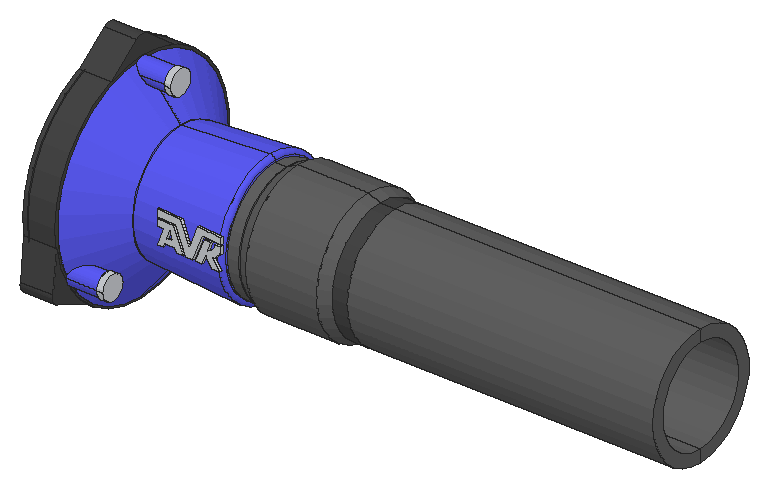
Revit family "635-00-001 DN50_80", category Pipe Accessories, Revit 2022
Family settings
  Round Connector Dimension = Use Diameter
  Part Type = Valve - Breaks Into
  Work Plane-Based = No
  Always vertical = No
  Cut with Voids When Loaded = No
  Shared = No
Parameters (values of type "DN080_PN16_OD_110")
  ring_dim1 = Ring_Dia1 * 0.92  # 50.784 mm
  Thickness = OD * 0.2  # 11.00 mm
  SR2 = size_lookup(Search_table, "SR2", 0.00 mm, DN) / 2  # 53.00 mm
  SR1 = size_lookup(Search_table, "SR1", 0.00 mm, DN) / 2  # 41.00 mm
  Ring_dis = L1 * 1.05  # 295.05 mm
  Ring_dia3 = Ring_dia2 * 1.1  # 60.61 mm
  Ring_dia2 = ((Ring_Dia1 - OD) / 2) + OD  # 55.10 mm
  Ring_Dia1 = Ring_Dia * 0.92  # 55.20 mm
  Ring_Dia = size_lookup(Search_table, "Ring_Dia", 0.00 mm, DN) / 2  # 60.00 mm
  PCD = D1 - 10.00 mm  # 89.875 mm
  OD = size_lookup(Search_table, "OD", 0.00 mm, DN) / 2  # 55.00 mm
  L5 = L4 * 1.25  # 223.988 mm
  L4-L3 = (L4 - L3) * 0.7  # 11.403 mm
  L4 = L3 * 1.1  # 179.19 mm
  L3 = L * 0.3  # 162.90 mm
  L1 = size_lookup(Search_table, "L1", 0.00 mm, DN)  # 281.00 mm
  L = size_lookup(Search_table, "L", 0.00 mm, DN)  # 543.00 mm
  FLange_T1 = Bolt_End_dis * 1.1  # 64.90 mm
  FL_T2 = FL_T / 2  # 29.50 mm
  FL_T = size_lookup(Search_table, "FL_T", 0.00 mm, DN)  # 59.00 mm
  DN080_PN16_OD_90 = "635-105-00-166"
  D3 = D * 0.3  # 35.25 mm
  D2 = SR1 * 1.1  # 45.10 mm
  D1 = D * 0.85  # 99.875 mm
  Cap_Radius = size_lookup(Search_table, "Cap_Radius", 0.00 mm, DN)  # 35.00 mm
  Bore = size_lookup(Search_table, "Bore", 0.00 mm, DN)  # 40.05 mm
  Bolt_End_dis = size_lookup(Search_table, "Bolt_End_dis", 0.00 mm, DN)  # 59.00 mm
  4 = 4.00 mm  # constant formula
  DN065_PN16_OD_75 = "635-091-00-166"
  DN080_PN16_OD_110 = "635-106-00-166"
  DN = 80.10 mm
  Description_ = "AVK SUPA MAXI™ TRANSITION COUPLING, PE100/PN16"
  Default Elevation = 0.00 mm
  DN050_PN16_OD_63 = "635-071-00-166"
  Search_table = "635-00-001 DN50_80"
  URL product pages = "https://www.avkvalves.com/P.aspx?no=63507100166"
  D = size_lookup(Search_table, "D", 0.00 mm, DN) / 2  # 117.50 mm
  2 = 2.00 mm  # constant formula
  12 = 11.00 mm  # constant formula
  10 = 10.00 mm  # constant formula
  1 = 1.00 mm  # constant formula
Types (5, lengths in mm): name | ring_dim1 | Thickness | SR2 | SR1 | Ring_dis | Ring_dia3 | Ring_dia2 | Ring_Dia1 | Ring_Dia | PCD | OD | L5 | L4-L3 | L4 | L3 | L1 | L | FLange_T1 | FL_T2 | FL_T | D3 | D2 | D1 | Cap_Radius | Bore | Bolt_End_dis | DN | D
  (no name) | 50.784 | 11.00 | 53.00 | 41.00 | 295.05 | 60.61 | 55.10 | 55.20 | 60.00 | 89.875 | 55.00 | 223.988 | 11.403 | 179.19 | 162.90 | 281.00 | 543.00 | 64.90 | 29.50 | 59.00 | 35.25 | 45.10 | 99.875 | 35.00 | 40.05 | 59.00 | 80.10 | 117.50
  DN050_PN16_OD_63 | 38.723 | 6.30 | 35.50 | 24.00 | 329.70 | 40.474 | 36.795 | 42.09 | 45.75 | 75.00 | 31.50 | 222.75 | 11.34 | 178.20 | 162.00 | 314.00 | 540.00 | 89.65 | 34.875 | 69.75 | 30.00 | 26.40 | 85.00 | 33.57 | 25.00 | 81.50 | 50.00 | 100.00
  DN065_PN16_OD_75 | 50.784 | 7.50 | 45.50 | 34.50 | 259.35 | 50.985 | 46.35 | 55.20 | 60.00 | 86.05 | 37.50 | 227.70 | 11.592 | 182.16 | 165.60 | 247.00 | 552.00 | 78.65 | 30.93 | 61.86 | 33.90 | 37.95 | 96.05 | 32.50 | 32.50 | 71.50 | 65.00 | 113.00
  DN080_PN16_OD_90 | 50.784 | 9.00 | 53.00 | 41.00 | 329.70 | 55.11 | 50.10 | 55.20 | 60.00 | 89.875 | 45.00 | 219.863 | 11.193 | 175.89 | 159.90 | 314.00 | 533.00 | 64.90 | 29.50 | 59.00 | 35.25 | 45.10 | 99.875 | 35.00 | 40.00 | 59.00 | 80.00 | 117.50
  DN080_PN16_OD_110 | 50.784 | 11.00 | 53.00 | 41.00 | 295.05 | 60.61 | 55.10 | 55.20 | 60.00 | 89.875 | 55.00 | 223.988 | 11.403 | 179.19 | 162.90 | 281.00 | 543.00 | 64.90 | 29.50 | 59.00 | 35.25 | 45.10 | 99.875 | 35.00 | 40.05 | 59.00 | 80.10 | 117.50
Reference planes
  plane 1 "Center (Front/Back)": y = 0
  plane 2: z = 0
  plane 3 "Center (Left/Right)": x = 0
  plane 4: z = 117.5
  plane 5: z = -117.5
  plane 6: x = -271.5
  plane 7: x = 271.5
  plane 8: x = -9.5
  plane 9: z = 55
  plane 10: z = -55
  plane 11: x = -206.6
  plane 12: z = 99.875
  plane 13: z = 41
  plane 14: x = -47.512
  plane 15: x = -108.6
  plane 16: through (0, 0, 0) normal (0, -0.5, 0.866)
  plane 17: through (0, 0, 0) normal (0, -0.5, -0.866)
  plane 18: through (0, 0, 0) normal (0, 0.866, -0.5)
  plane 19: through (0, 0, 0) normal (0, 0.866, 0.5)
  plane 20: x = -212.5
  plane 21: x = -212.5
  plane 22: through (0, 0, 0) normal (0, -0.5, 0.866)
  plane 23: through (0, 0, 0) normal (0, -0.5, -0.866)
  plane 24: through (0, 0, 0) normal (0, 0.866, -0.5)
  plane 25: through (0, 0, 0) normal (0, 0.866, 0.5)
  plane 26: z = 60
  plane 27: z = -60
  plane 28: x = -23.55
Forms (mm)
  Revolve 1, solid, material "Plastic"
    sketch origin (0, 0, 0) x (1, 0, 0) y (0, 0, 1)
      loop
        line (-9.5, 55) -> (-9.5, 44) -> (271.5, 44) -> (271.5, 55) -> (-9.5, 55)
      axis (-9.5, 0) -> (271.5, 0)
    angle from 0 to 360
  Revolve 2, solid, material "Poche"
    sketch origin (0, 0, 0) x (1, 0, 0) y (0, 0, 1)
      loop
        line (-267.5, 95.875) -> (-267.5, 41) -> (-206.6, 41) -> (-206.6, 55.2) -> (-242, 97.875) -> (-265.5, 97.875)
        arc (-265.5, 97.875) -> (-266.914, 97.289) -> (-267.5, 95.875) r 2
      axis (-206.6, 0) -> (-267.5, 0)
    angle from 0 to 360
  Revolve 3, solid, material "Aluminum 1100-O"
    sketch origin (0, 0, 0) x (1, 0, 0) y (0, 0, 1)
      loop
        line (-267.5, 99.875) -> (-271.5, 99.875) -> (-271.5, 39) -> (-242, 39) -> (-242, 41) -> (-267.5, 41) -> (-267.5, 99.875)
      axis (-271.5, 0) -> (-242, 0)
    angle from 0 to 360
  Revolve 4, solid, material "Poche"
    sketch origin (0, 0, 0) x (1, 0, 0) y (0, 0, 1)
      loop
        line (-120.003, 41) -> (-120.003, 56)
        arc (-120.003, 56) -> (-121.258, 58.909) -> (-124.235, 59.993) r 4
        line (-124.235, 59.993) -> (-206.6, 55.2) -> (-206.6, 41) -> (-120.003, 41)
      axis (-206.6, 0) -> (-120.003, 0)
    angle from 0 to 360
  Extrusion 5, solid, material "Aluminum 1100-O"
    sketch origin (0, 0, 0) x (0, 1, 0) y (0, 0, 1)
      loop
        arc (6.02, 115.485) -> (0, 117.5) -> (-6.02, 115.485) r 10
        line (-6.02, 115.485) -> (-35.25, 93.448)
        arc (-35.25, 93.448) -> (-17.916, 98.255) -> (0, 99.875) r 99.875
        arc (0, 99.875) -> (17.916, 98.255) -> (35.25, 93.448) r 99.875
        line (35.25, 93.448) -> (6.02, 115.485)
      loop
        arc (97.003, -62.956) -> (101.758, -58.75) -> (103.023, -52.529) r 10
        line (103.023, -52.529) -> (98.553, -16.196)
        arc (98.553, -16.196) -> (86.494, -49.938) -> (63.303, -77.251) r 99.875
        line (63.303, -77.251) -> (97.003, -62.956)
      loop
        line (-97.003, -62.956) -> (-63.303, -77.251)
        arc (-63.303, -77.251) -> (-86.494, -49.938) -> (-98.553, -16.196) r 99.875
        line (-98.553, -16.196) -> (-103.023, -52.529)
        arc (-103.023, -52.529) -> (-101.758, -58.75) -> (-97.003, -62.956) r 10
    from -271.5 to -242
  Revolve 6, solid, material "Aluminum 1100-O"
    sketch origin (0, 0, 0) x (1, 0, 0) y (0, 0, 1)
      loop
        line (-271.5, 99.875) -> (-271.5, 89.875) -> (-242, 89.875) -> (-242, 99.875) -> (-271.5, 99.875)
      axis (-271.5, 0) -> (-242, 0)
    angle from 0 to 360
  Extrusion 7, solid, material "Poche"
    sketch origin (0, 0, 0) x (0, 1, 0) y (0, 0, 1)
      loop
        circle (0, 89.875) r 10
      loop
        circle (77.834, -44.938) r 10
      loop
        circle (-77.834, -44.938) r 10
    from -261.5 to -212.5
  Extrusion 8, solid
    sketch origin (0, 0, 0) x (0, 1, 0) y (0, 0, 1)
      loop
        circle (-77.834, -44.938) r 11
      loop
        circle (0, 89.875) r 11
      loop
        circle (77.834, -44.938) r 11
    from -212.5 to -206.6
  Revolve 9, solid, material "Plastic"
    sketch origin (0, 0, 0) x (1, 0, 0) y (0, 0, 1)
      loop
        line (-120.003, 55.2) -> (-120.003, 51) -> (-108.6, 51) -> (-108.6, 55.2) -> (-120.003, 55.2)
      axis (-120.003, 0) -> (-108.6, 0)
    angle from 0 to 360
  Revolve 10, solid, material "Plastic"
    sketch origin (0, 0, 0) x (1, 0, 0) y (0, 0, 1)
      loop
        line (-108.6, 55.2) -> (-23.55, 55.2) -> (-33.55, 60) -> (-98.6, 60) -> (-108.6, 55.2)
      axis (-108.6, 0) -> (-23.55, 0)
    angle from 0 to 360
  Revolve 11, solid, material "Aluminum 1100-O"
    sketch origin (0, 0, 0) x (1, 0, 0) y (0, 0, 1)
      loop
        line (-9.5, 55) -> (-23.55, 55) -> (-23.55, 50.784) -> (-9.5, 55)
      axis (-23.55, 0) -> (-9.5, 0)
    angle from 0 to 360
Dimensions and locks
  equal spacing: plane 7, plane 3 "Center (Left/Right)", plane 6
  "L": plane 7 to plane 6
  "L1": plane 7 to plane 8
  equal spacing: plane 4, level, plane 5
  "D": plane 4 to level
  equal spacing: plane 9, level, plane 10
  "OD": plane 9 to level
  "Thickness": plane 9 to Revolve 1 sketch curve
  "SR1": Revolve 2 sketch curve to level
  "FLange_T1": plane 11 to plane 6
  "D1": plane 12 to level
  "SR1": plane 13 to level
  "2": plane 13 to Revolve 3 sketch curve
  "FL_T2": Revolve 3 sketch curve to plane 6
  "4": Revolve 3 sketch curve to plane 6
  "L5": plane 14 to plane 6
  "FLange_T1": Revolve 2 sketch curve to plane 6
  "L3": plane 15 to plane 6
  "Ring_Dia1": Revolve 2 sketch curve to level
  "L4-L3": plane 15 to Revolve 4 sketch curve
  "Ring_Dia1": Revolve 4 sketch curve to level
  "SR1": Revolve 4 sketch curve to level
  "Ring_Dia": Revolve 4 sketch curve to level
  equal spacing: Extrusion 5 sketch curve, plane 1 "Center (Front/Back)", Extrusion 5 sketch curve  (x2)
  "D": Extrusion 5 sketch curve to level
  "FL_T2": Extrusion 5 to plane 6
  "D3": Extrusion 5 sketch curve to plane 1 "Center (Front/Back)"
  equal spacing: Extrusion 5 sketch curve, plane 17, Extrusion 5 sketch curve
  "D3": Extrusion 5 sketch curve to plane 17
  "D": Extrusion 5 sketch curve to plane 18
  "D3": plane 16 to Extrusion 5 sketch curve
  "D": Extrusion 5 sketch curve to plane 19
  equal spacing: Extrusion 5 sketch curve, plane 16, Extrusion 5 sketch curve
  "FL_T2": Revolve 6 sketch curve to plane 6
  "10": plane 12 to Revolve 6 sketch curve
  "2": plane 12 to Revolve 2 sketch curve
  "FL_T2": Revolve 2 sketch curve to plane 6
  "4": Revolve 2 sketch curve to plane 6
  "Bolt_End_dis": plane 20 to plane 6
  "FL_T": plane 21 to plane 6
  "10": Extrusion 7 to plane 6
  equal spacing: Extrusion 7 sketch curve, plane 1 "Center (Front/Back)", Extrusion 7 sketch curve
  "D1": Extrusion 7 sketch curve to level
  "D1": Extrusion 7 sketch curve to plane 24
  equal spacing: Extrusion 7 sketch curve, plane 23, Extrusion 7 sketch curve
  equal spacing: Extrusion 7 sketch curve, plane 22, Extrusion 7 sketch curve
  "D1": Extrusion 7 sketch curve to plane 25
  equal spacing: Extrusion 8 sketch curve, plane 22, Extrusion 8 sketch curve
  equal spacing: Extrusion 8 sketch curve, plane 1 "Center (Front/Back)", Extrusion 8 sketch curve
  equal spacing: Extrusion 8 sketch curve, plane 23, Extrusion 8 sketch curve
  "PCD": Extrusion 8 sketch curve to level
  "PCD": Extrusion 8 sketch curve to plane 24
  "PCD": Extrusion 8 sketch curve to plane 25
  plane 7 to plane 6 = 543.00 mm
  plane 4 to plane 5 = 235.00 mm
  plane 9 to plane 10 = 110.00 mm  (x2)
  "Ring_Dia1": Revolve 9 sketch curve to level
  "L4-L3": plane 15 to Revolve 9 sketch curve
  equal spacing: plane 26, level, plane 27
  "Ring_Dia": plane 26 to level
  "Ring_Dia1": Revolve 10 sketch curve to level
  "L3": Revolve 10 sketch curve to plane 6
  "Ring_Dia": Revolve 10 sketch curve to level
  "10": Revolve 10 sketch curve to plane 15
  "10": plane 28 to Revolve 10 sketch curve
  "4": plane 9 to Revolve 9 sketch curve
  "Ring_dis": plane 7 to plane 28
  "Ring_dis": plane 7 to Revolve 10 sketch curve
  "L1": plane 7 to Revolve 11 sketch curve
  "Ring_dis": plane 7 to Revolve 11 sketch curve
  "ring_dim1": Revolve 11 sketch curve to level
  "4": radius of Revolve 4 sketch curve
  "10": radius of Extrusion 5 sketch curve  (x3)
  "10": radius of Extrusion 7 sketch curve  (x3)
  "12": radius of Extrusion 8 sketch curve  (x3)
  angle plane 16 to level = 30.00°
  angle level to plane 17 = 30.00°
  angle plane 1 "Center (Front/Back)" to plane 18 = 30.00°
  angle plane 19 to plane 1 "Center (Front/Back)" = 30.00°
  angle plane 22 to level = 30.00°
  angle level to plane 23 = 30.00°
  angle plane 1 "Center (Front/Back)" to plane 24 = 30.00°
  angle plane 25 to plane 1 "Center (Front/Back)" = 30.00°
  angle plane 23 to level = 30.00°
  angle plane 1 "Center (Front/Back)" to plane 25 = 30.00°
  angle plane 24 to plane 1 "Center (Front/Back)" = 30.00°
  angle level to plane 22 = 30.00°
  aligned and locked: level to plane 2
  aligned and locked: plane 8 to Revolve 1 sketch curve
  aligned and locked: Revolve 1 sketch curve to plane 7
  aligned and locked: Revolve 1 sketch curve to level
  aligned and locked: Revolve 1 sketch curve to plane 9
  aligned and locked: Revolve 2 sketch curve to level
  aligned and locked: plane 6 to Revolve 3 sketch curve
  aligned and locked: Revolve 3 sketch curve to level
  aligned and locked: plane 12 to Revolve 3 sketch curve
  aligned and locked: Revolve 3 sketch curve to plane 13
  aligned and locked: Revolve 4 sketch curve to level
  aligned and locked: Revolve 4 sketch curve to plane 11
  aligned and locked: Extrusion 5 sketch curve to Revolve 3  (x4)
  aligned and locked: Extrusion 5 to plane 6
  aligned and locked: plane 6 to Revolve 6 sketch curve
  aligned and locked: Revolve 6 sketch curve to plane 12
  aligned and locked: Revolve 6 sketch curve to level
  aligned and locked: plane 21 to Extrusion 7
  aligned and locked: Extrusion 8 to plane 21
  aligned and locked: plane 11 to Extrusion 8
  aligned and locked: Revolve 9 sketch curve to plane 15
  aligned and locked: Revolve 9 sketch curve to level
  aligned and locked: Revolve 10 sketch curve to level
  aligned and locked: plane 9 to Revolve 11 sketch curve
  aligned and locked: Revolve 11 sketch curve to level
Automatic sketch dimensions
  plane 20 to Revolve 1 sketch curve = 2.744 mm
  Revolve 1 sketch curve to plane 6 = 82.516 mm
  Revolve 2 sketch curve to Revolve 2 sketch curve = 2.00 mm
  Revolve 2 sketch curve to plane 6 = 94.483 mm
  Revolve 2 sketch curve to plane 20 = 4.633 mm
  Revolve 3 sketch curve to plane 6 = 123.036 mm
  Revolve 3 sketch curve to Revolve 3 sketch curve = 60.00 mm
  plane 11 to Revolve 4 sketch curve = 1.418 mm
  Revolve 4 sketch curve to Revolve 4 sketch curve = 18.30 mm
  Extrusion 5 sketch curve to plane 16 = 0.00 mm
  Extrusion 5 sketch curve to plane 17 = 0.00 mm
  Revolve 6 sketch curve to plane 6 = 41.125 mm
  Revolve 6 sketch curve to Revolve 6 sketch curve = 55.00 mm
  plane 15 to Revolve 9 sketch curve = 13.122 mm
  Revolve 9 sketch curve to plane 14 = 10.29 mm
  plane 15 to Revolve 10 sketch curve = 11.951 mm
  plane 14 to Revolve 10 sketch curve = 1.014 mm
  plane 3 "Center (Left/Right)" to Revolve 11 sketch curve = 9.541 mm
  plane 3 "Center (Left/Right)" to Revolve 11 sketch curve = 0.091 mm
Nested families
  nested 1: "logo medium-11" at (-150.025, -58.492, -0.197) x (0.9983, -0.0581, -0.0002) z (-0.0581, -0.9983, -0.0034), type "logo medium-11"
Connectors
  piping at (-271.5, 0, 0), diameter 80.1, driven by "DN"
    settings: on Revolve 6, index 1, connector inside diameter 609.6 mm, connector length 0.00 mm, flow factor 0, pipe flow 0.0 L/s, pressure drop 0.0 Pa, fitting loss kfactor 0, connector angle 0.00°, fixture units 0, engagement length 0.00 mm, angle of deflection 0.00°, flow configuration 0, flow direction 0, fitting loss method 0, system type 7, joint type 0, gender type 0, connector reference index -1, connector utility 0, adjustable connector no, is connector primary yes, connector description ""
  piping at (271.5, 0, 0), diameter 80.1, driven by "DN"
    settings: on Revolve 1, index 2, connector inside diameter 609.6 mm, connector length 0.00 mm, flow factor 0, pipe flow 0.0 L/s, pressure drop 0.0 Pa, fitting loss kfactor 0, connector angle 0.00°, fixture units 0, engagement length 0.00 mm, angle of deflection 0.00°, flow configuration 0, flow direction 0, fitting loss method 0, system type 7, joint type 0, gender type 0, connector reference index -1, connector utility 0, adjustable connector no, is connector primary no, connector description ""
Definition of nested family "logo medium-11"
  Parameters
    Default Elevation = 1219.20 mm
  Reference planes
    plane 1 "Center (Front/Back)": y = 0
    plane 2: z = 0
    plane 3 "Center (Left/Right)": x = 0
  Forms (mm)
    Extrusion 1, solid
      sketch origin (0, 0, 0) x (1, 0, 0) y (0, 1, 0)
        loop
          line (-1219.2, 1219.2) -> (-1219.2, -1219.2) -> (1219.2, -1219.2) -> (1219.2, 1219.2) -> (-1219.2, 1219.2)
      from 0 to -188.781
    Extrusion 2, solid
      sketch origin (0, 0, 0) x (1, 0, 0) y (0, 1, 0)
        loop
          line (-30.911, 14.607) -> (-12.952, 14.607) -> (-3.438, -8.594) -> (3.26, -8.594) -> (12.676, 14.607) -> (30.732, 14.607) -> (30.732, 20.529) -> (7.968, 20.529) -> (0, 0) -> (-8.195, 20.529) -> (-30.911, 20.529) -> (-30.911, 14.607)
        loop
          line (30.732, 6.453) -> (30.732, 12.569) -> (24.908, 12.569)
          arc (24.908, 12.569) -> (22.993, 7.075) -> (17.724, 4.608) r 7.492
          line (17.724, 4.608) -> (20.928, 12.569) -> (14.521, 12.569) -> (5.881, -8.594) -> (12.434, -8.594) -> (15.777, -0.405) -> (21.354, -8.594) -> (29.424, -8.594) -> (22.319, 0.649)
          arc (22.319, 0.649) -> (26.344, 2.972) -> (29.424, 6.453) r 14.456
          line (29.424, 6.453) -> (30.732, 6.453)
        loop
          line (-5.865, -8.594) -> (-14.796, 12.569) -> (-30.911, 12.569) -> (-30.911, 6.453) -> (-25.086, 6.453) -> (-30.911, -8.594) -> (-25.086, -8.594) -> (-23.728, -5.084) -> (-13.656, -5.084) -> (-12.175, -8.594) -> (-5.865, -8.594)
        loop
          line (-18.776, 7.618) -> (-21.494, 0) -> (-15.961, 0) -> (-18.776, 7.618)
      from 0 to 2
  Dimensions and locks
    aligned and locked: plane 2 to Extrusion 1
    aligned and locked: level to Extrusion 1
    aligned and locked: Extrusion 2 sketch curve to import instance  (x36)
